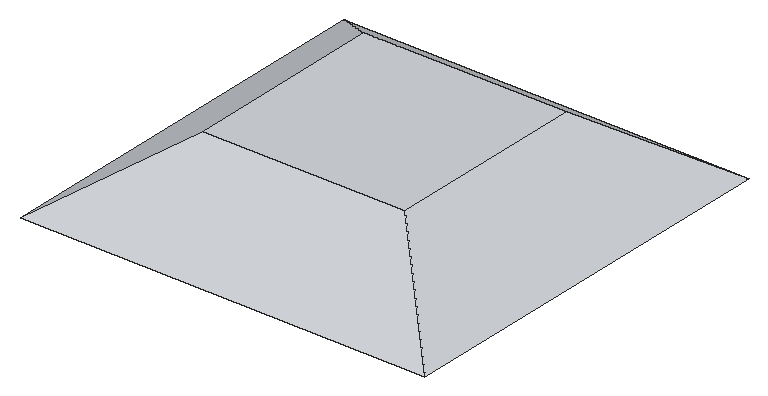
Revit family "M_Exhaust Grill", category Air Terminals, Revit 2023
Family settings
  Round Connector Dimension = Use Diameter
  Part Type = Normal
  OmniClass Number = 23.75.70.21.27.11
  OmniClass Title = Diffusers, Registers, and Grilles
  Work Plane-Based = No
  Always vertical = Yes
  Cut with Voids When Loaded = No
  Shared = No
  Room Calculation Point = No
Parameters (values of type "600 x 600 Face 300 x 300 Connection")
  Width 1 = Diffuser Width * 0.65  # 390 mm
  Duct Width = 300 mm
  Duct Height = Duct Width  # 300 mm
  Diffuser Width = 600 mm
  UpArrow [instance] = yes
  Pressure Drop [instance] = 14.0 Pa
  RightArrow [instance] = yes
  LeftArrow [instance] = yes
  Flow [instance] = 235.0 L/s
  DownArrow [instance] = yes
  Diffuser Height = Diffuser Width  # 600 mm
  Default Elevation = 0 mm
  Assembly Code = ""
Reference planes
  plane 1 "Center (Front/Back)": y = 0
  plane 2: z = 0
  plane 3 "Center (Left/Right)": x = 0
Forms (mm)
  Blend 1, solid
    base sketch origin (0, 0, 0) x (1, 0, 0) y (0, 1, 0)
      loop
        line (-300, 300) -> (-300, -300) -> (300, -300) -> (300, 300) -> (-300, 300)
    top sketch origin (0, 0, 0) x (1, 0, 0) y (0, 1, 0)
      loop
        line (-150, 150) -> (-150, -150) -> (150, -150) -> (150, 150) -> (-150, 150)
    from 0 to 101.6
Lines and regions (mm)
  symbolic lines, style "DuctTerminal"
    curve 1: line (-300, -300, 0) -> (0, 0, 0)
    curve 2: line (-300, 300, 0) -> (300, 300, 0)
    curve 3: line (300, 300, 0) -> (300, -300, 0)
    curve 4: line (300, -300, 0) -> (-300, -300, 0)
    curve 5: line (-300, 300, 0) -> (-300, -300, 0)
  symbolic lines
    curve 6: line (-300, 300, 0) -> (300, -300, 0)
Dimensions and locks
  equal spacing: Blend 1 sketch curve, plane 3 "Center (Left/Right)", Blend 1 sketch curve  (x2)
  "Diffuser Width": Blend 1 sketch curve to Blend 1 sketch curve
  equal spacing: Blend 1 sketch curve, plane 1 "Center (Front/Back)", Blend 1 sketch curve  (x2)
  "Diffuser Height": Blend 1 sketch curve to Blend 1 sketch curve
  "Duct Width": Blend 1 sketch curve to Blend 1 sketch curve
  "Duct Height": Blend 1 sketch curve to Blend 1 sketch curve
  "Width 1": nested 1 to plane 3 "Center (Left/Right)"
  "Width 1": plane 1 "Center (Front/Back)" to nested 2
  "Width 1": plane 1 "Center (Front/Back)" to nested 4
  "Width 1": plane 3 "Center (Left/Right)" to nested 3
  aligned and locked: Blend 1 to curve 1
  aligned and locked: curve 5 to Blend 1
  aligned and locked: plane 1 "Center (Front/Back)" to nested 1
  aligned and locked: plane 3 "Center (Left/Right)" to nested 2
  aligned and locked: nested 3 to plane 1 "Center (Front/Back)"
  aligned and locked: nested 4 to plane 3 "Center (Left/Right)"
  aligned and locked: curve 2 to Blend 1
  aligned and locked: curve 3 to Blend 1
  aligned and locked: plane 1 "Center (Front/Back)" to curve 1
  aligned and locked: plane 3 "Center (Left/Right)" to curve 1
Nested families
  nested 1: "M_Duct Terminal Arrow" at (-390, 0, 0), visible <- "LeftArrow", type "Duct Terminal Arrow"
  nested 2: "M_Duct Terminal Arrow" at (0, -390, 0) x (0, 1, 0) z (0, 0, 1), visible <- "DownArrow", type "Duct Terminal Arrow"
  nested 3: "M_Duct Terminal Arrow" at (390, 0, 0) x (-1, 0, 0) z (0, 0, 1), visible <- "RightArrow", type "Duct Terminal Arrow"
  nested 4: "M_Duct Terminal Arrow" at (0, 390, 0) x (0, -1, 0) z (0, 0, 1), visible <- "UpArrow", type "Duct Terminal Arrow"
Connectors
  hvac at (0, 0, 101.6), driven by "Duct Width", driven by "Duct Width", driven by "Flow", driven by "Pressure Drop"
    settings: on Blend 1, index 0, duct flow 235.0 L/s, flow factor 0, pres drop 14.0 Pa, loss coef 0, conn angle 0.00°, conn width 300 mm, conn height 300 mm, conn diameter 609.6 mm, duct sys type 3, conn prof type 1, flow config 1, flow direction 2, loss method 4, conn ref index -1, conn util no, is conn primary yes, conn desc ""
Definition of nested family "M_Duct Terminal Arrow"
  Parameters
    Width = (Length / 2) / cos(15.00°)  # 25.882 mm
    Length = 50 mm
  Reference planes
    plane 1 "Center (Front/Back)": y = 0
    plane 2: z = 0
    plane 3 "Center (Left/Right)": x = 0
  Lines and regions (mm)
    Filled region 1, type "Concrete Block", in view "Ref. Level"
      outline origin (-50.8, 0, 0) x (1, 0, 0) y (0, 1, 0)
        loop
          line (25.8, 6.699) -> (25.8, -6.699) -> (50.8, 0) -> (25.8, 6.699)
    detail lines, in view "Ref. Level"
      curve 1: line (-50, 0, 0) -> (0, 0, 0)
      curve 2: line (0, 0, 0) -> (-25, 6.699, 0)
      curve 3: line (0, 0, 0) -> (-25, -6.699, 0)
      curve 4: line (-25, 6.699, 0) -> (-25, -6.699, 0)
  Dimensions and locks
    "Length": curve 1 to curve 1
    "Width": curve 2 to curve 2
    "Width": curve 3 to curve 3
    locked: curve 2 to curve 1 (angle 15.00°)
    locked: curve 1 to curve 3 (angle 15.00°)
    aligned and locked: plane 1 "Center (Front/Back)" to curve 1
    aligned and locked: Filled region 1 sketch curve to curve 4
    aligned and locked: Filled region 1 sketch curve to curve 2
    aligned and locked: Filled region 1 sketch curve to curve 3
    aligned and locked: plane 3 "Center (Left/Right)" to curve 1
